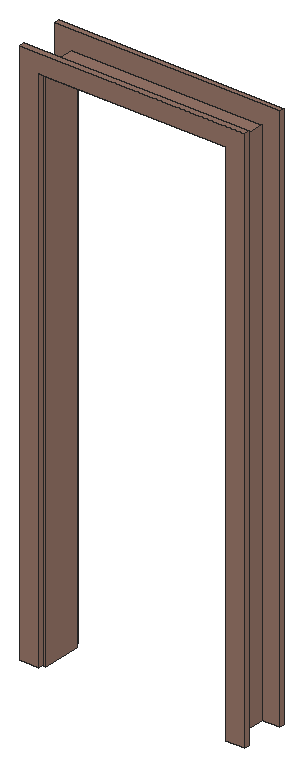
Revit family "0087_M_DR_W_개구부-틀 지워진", category 일반 모델, Revit 2026
Family settings
  호스트 = 벽
  보강 철근 호스트 가능 = 아니오
  원형 커넥터 치수 = 지름 사용
  부품 유형 = 정의되지 않음
  항상 수직 = 예
  로드될 때 보이드를 사용하여 절단 = 아니오
  주석 방향 유지 = 아니오
  공유 = 아니오
  룸 계산 점 = 아니오
Parameters (values of type "0762 x 2134mm")
  프레임 재료 = 문 - 프레임
  높이 = 2134 mm
  자르기 두께 = 20 mm
  자르기 폭 = 75 mm
  폭 = 762 mm
  기본 높이 = 0 mm
Types (8, lengths in mm): name | 높이 | 폭
  (no name) | 2134 | 762
  0915 x 2134mm | 2134 | 915
  0762 x 2134mm | 2134 | 762
  0762 x 2032mm | 2032 | 762
  0813 x 2134mm | 2134 | 813
  0864 x 2032mm | 2032 | 864
  0864 x 2134mm | 2134 | 864
  0915 x 2032mm | 2032 | 915
Reference planes
  plane 1: y = 0
  plane 2 "중심(왼쪽/오른쪽)": x = -8.189
  plane 3 "오른쪽": x = 372.811
  plane 4 "좌측면": x = -389.189
  plane 5 "상단": z = 2134
  plane 6: y = 96.2
  plane 7: y = -96.2
Forms (mm)
  Sweep 1, solid, material "문 - 프레임" <- "프레임 재료", detail levels medium+fine
    path in 3D
      loop
        line (372.811, 76.2, 0) -> (372.811, 76.2, 2134) -> (-389.189, 76.2, 2134) -> (-389.189, 76.2, 0)
    profile origin (372.811, 0, 1067) x (0, 1, 0) y (-1, 0, 0)
      loop
        line (76.2, 0.95) -> (76.2, 20) -> (-76.2, 20) -> (-76.2, 0.95) -> (76.2, 0.95)
  Extrusion 2, solid, material "문 - 프레임" <- "프레임 재료", detail levels medium+fine
    sketch origin (-1524, 76.2, 0) x (-1, 0, 0) y (0, 0, 1)
      loop
        line (-1890.461, 0) -> (-1890.461, 2127.65) -> (-1141.161, 2127.65) -> (-1141.161, 0) -> (-1066.161, 0) -> (-1066.161, 2208.05) -> (-1965.461, 2208.05) -> (-1965.461, 0) -> (-1890.461, 0)
    from 0 to 20
  Extrusion 3, solid, material "문 - 프레임" <- "프레임 재료", detail levels medium+fine
    sketch origin (-1524, -76.2, 0) x (1, 0, 0) y (0, 0, 1)
      loop
        line (1141.161, 2127.65) -> (1890.461, 2127.65) -> (1890.461, 0) -> (1965.461, 0) -> (1965.461, 2202.65) -> (1066.161, 2202.65) -> (1066.161, 0) -> (1141.161, 0) -> (1141.161, 2127.65)
    from 0 to 20
Lines and regions (mm)
  Opening 1
    outline origin (-1524, -76.2, 0) x (1, 0, 0) y (0, 0, 1)
      loop
        line (1896.811, 2134) -> (1134.811, 2134) -> (1134.811, 0) -> (1896.811, 0) -> (1896.811, 2134)
  symbolic lines, style "오버헤드"
    curve 1: line (-389.189, 76.2, 0) -> (372.811, 76.2, 0)
    curve 2: line (-389.189, -76.2, 0) -> (372.811, -76.2, 0)
  sketch lines
    curve 3: line (372.811, 76.2, 0) -> (372.811, 76.2, 2134)
    curve 4: line (372.811, 76.2, 2134) -> (-389.189, 76.2, 2134)
    curve 5: line (-389.189, 76.2, 2134) -> (-389.189, 76.2, 0)
  symbolic lines, style "GenericModel", detail levels medium+fine
    curve 6: line (-457.839, 76.2, 0) -> (-457.839, 96.2, 0)
    curve 7: line (-457.839, 96.2, 0) -> (-382.839, 96.2, 0)
    curve 8: line (-382.839, 96.2, 0) -> (-382.839, 76.2, 0)
    curve 9: line (-369.189, 76.2, 0) -> (-369.189, -76.2, 0)
    curve 10: line (-382.839, -76.2, 0) -> (-382.839, -96.2, 0)
    curve 11: line (-382.839, -96.2, 0) -> (-457.839, -96.2, 0)
    curve 12: line (-457.839, -96.2, 0) -> (-457.839, -76.2, 0)
    curve 13: line (441.461, 76.2, 0) -> (441.461, 96.2, 0)
    curve 14: line (441.461, 96.2, 0) -> (366.461, 96.2, 0)
    curve 15: line (366.461, 96.2, 0) -> (366.461, 76.2, 0)
    curve 16: line (352.811, 76.2, 0) -> (352.811, -76.2, 0)
    curve 17: line (366.461, -76.2, 0) -> (366.461, -96.2, 0)
    curve 18: line (366.461, -96.2, 0) -> (441.461, -96.2, 0)
    curve 19: line (441.461, -96.2, 0) -> (441.461, -76.2, 0)
Text (mm)
  text "측면 배치" at (0, 1019.848, 3124.603), in view "오른쪽"
  text "측면 배치" at (-1787.662, 1269.283, 0), in view "참조 레벨"
  text "Placement Side" at (0, 1504.039, 2975.729), in view "좌측면"
Dimensions and locks
  "폭": plane 4 "좌측면" to plane 3 "오른쪽"
  equal spacing: plane 4 "좌측면", plane 2 "중심(왼쪽/오른쪽)", plane 3 "오른쪽"
  "높이": host wall to plane 5 "상단"
  "자르기 두께": Sweep 1 sketch curve to plane 3 "오른쪽"
  plane 3 "오른쪽" to Extrusion 2 sketch curve = 6.35 mm
  "자르기 폭": Extrusion 2 sketch curve to Extrusion 2 sketch curve  (x2)
  locked: plane 4 "좌측면" to Extrusion 2 sketch curve at 6.35
  locked: Extrusion 2 sketch curve to plane 5 "상단" at 6.35
  "자르기 폭": Sweep 1 to Extrusion 2 sketch curve
  locked: Extrusion 3 sketch curve to plane 4 "좌측면" at 6.35
  "자르기 폭": Extrusion 3 sketch curve to Extrusion 3 sketch curve  (x3)
  locked: plane 5 "상단" to Extrusion 3 sketch curve at 6.35
  locked: plane 3 "오른쪽" to Extrusion 3 sketch curve at 6.35
  "자르기 두께": host wall to plane 6
  "자르기 두께": plane 7 to host wall
  aligned and locked: plane 3 "오른쪽" to Opening 1 sketch curve
  aligned and locked: Opening 1 sketch curve to plane 5 "상단"
  aligned and locked: level to Opening 1 sketch curve
  aligned and locked: Opening 1 sketch curve to plane 4 "좌측면"
  aligned and locked: host wall to Sweep 1 sketch curve  (x2)
  aligned and locked: Extrusion 2 to plane 6
  aligned and locked: plane 7 to Extrusion 3
Automatic sketch dimensions
  Sweep 1 sketch curve to Sweep 1 sketch curve = 19.05 mm
  Extrusion 2 sketch curve to level = 0 mm  (x2)
  Extrusion 3 sketch curve to level = 0 mm  (x2)
  curve 12 to plane 7 = 0 mm
  curve 7 to plane 6 = 0 mm
  curve 12 to host wall = 0 mm
  curve 6 to host wall = 0 mm
  curve 2 to host wall = 0 mm
  curve 2 to plane 4 "좌측면" = 0 mm
  curve 1 to host wall = 0 mm
  curve 1 to plane 4 "좌측면" = 0 mm
  curve 17 to plane 7 = 0 mm
  curve 14 to plane 6 = 0 mm
  curve 1 to plane 3 "오른쪽" = 0 mm
  curve 2 to plane 3 "오른쪽" = 0 mm
  curve 13 to host wall = 0 mm
  curve 19 to host wall = 0 mm
  curve 11 to plane 4 "좌측면" = 68.65 mm
  curve 6 to plane 4 "좌측면" = 68.65 mm
  curve 2 to curve 10 = 6.35 mm
  curve 1 to curve 8 = 6.35 mm
  curve 10 to curve 9 = 13.65 mm
  curve 16 to plane 3 "오른쪽" = 20 mm
  curve 17 to plane 3 "오른쪽" = 6.35 mm
  curve 14 to plane 3 "오른쪽" = 6.35 mm
  plane 3 "오른쪽" to curve 13 = 68.65 mm
  plane 3 "오른쪽" to curve 18 = 68.65 mm
